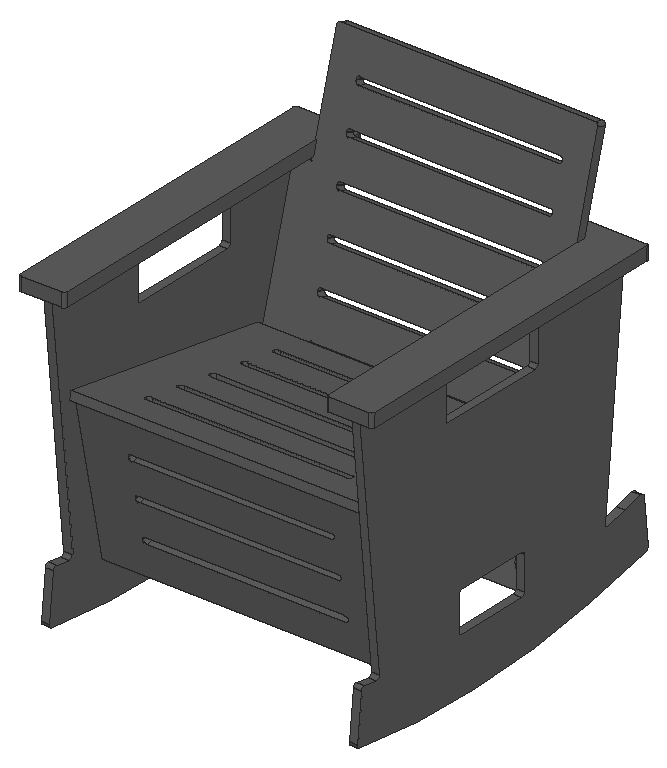
Revit family "Lollygagger Go Club Rocker", category Furniture, Revit 2016 (continued)
Automatic sketch dimensions
  plane 12 to Extrusion 2 sketch curve = 0' - 0.79524"
  level to Extrusion 2 sketch curve = 0' - 0.15476"
  Extrusion 2 sketch curve to plane 12 = 0' - 2.99409"
  plane 1 "Center Front/Back" to Extrusion 2 sketch curve = 0' - 4.37245"
  Extrusion 2 sketch curve to Extrusion 2 sketch curve = 0' - 0 1/4"  (x4)
  Extrusion 2 sketch curve to plane 8 = 0' - 0.23845"
  plane 1 "Center Front/Back" to Extrusion 2 sketch curve = 0' - 3.10134"
  plane 8 to Extrusion 2 sketch curve = 0' - 0.01155"
  level to Extrusion 2 sketch curve = 0' - 0.00395"
  plane 1 "Center Front/Back" to Extrusion 2 sketch curve = 0' - 1.59178"
  Extrusion 2 sketch curve to plane 1 "Center Front/Back" = 0' - 2.85134"
  Extrusion 2 sketch curve to Extrusion 2 sketch curve = 0' - 0"
  level to Extrusion 2 sketch curve = 0' - 0.3065"
  Extrusion 2 sketch curve to plane 1 "Center Front/Back" = 0' - 4.00288"
  Extrusion 2 sketch curve to plane 1 "Center Front/Back" = 0' - 4.12245"
  Extrusion 2 sketch curve to plane 11 = 0' - 0.78441"
  plane 11 to Extrusion 2 sketch curve = 0' - 0.60503"
  Extrusion 2 sketch curve to Extrusion 2 sketch curve = 0' - 0.05739"
  Extrusion 2 sketch curve to plane 6 = 0' - 0.60108"
  Extrusion 2 sketch curve to plane 6 = 0' - 0.45022"
  plane 6 to Extrusion 2 sketch curve = 0' - 0.94656"
  Extrusion 2 sketch curve to Extrusion 2 sketch curve = 0' - 0.06346"
  plane 6 to Extrusion 2 sketch curve = 0' - 1.38064"
  level to Extrusion 2 sketch curve = 0' - 0.74704"
  Extrusion 2 sketch curve to Extrusion 2 sketch curve = 0' - 0.24851"
  level to Extrusion 2 sketch curve = 0' - 1.03594"
  level to Extrusion 2 sketch curve = 0' - 2.43943"
  Extrusion 2 sketch curve to Extrusion 2 sketch curve = 0' - 0.02613"  (x3)
  Extrusion 2 sketch curve to Extrusion 2 sketch curve = 0' - 2.80302"
  Extrusion 2 sketch curve to plane 8 = 0' - 2.77203"
  Extrusion 2 sketch curve to Extrusion 2 sketch curve = 0' - 0.16514"
  Extrusion 2 sketch curve to Extrusion 2 sketch curve = 0' - 0.24757"
  Extrusion 2 sketch curve to plane 8 = 0' - 1.80081"
  Extrusion 2 sketch curve to Extrusion 2 sketch curve = 0' - 0.24332"
  Extrusion 2 sketch curve to plane 8 = 0' - 1.40902"
  Extrusion 2 sketch curve to plane 8 = 0' - 1.28429"
  Extrusion 2 sketch curve to plane 5 = 0' - 4"
  Extrusion 2 sketch curve to Extrusion 2 sketch curve = 0' - 0.05398"
  Extrusion 2 sketch curve to Extrusion 2 sketch curve = 0' - 0.00005"
  Extrusion 2 sketch curve to Extrusion 2 sketch curve = 0' - 0.00023"
  Masking region 3 sketch curve to plane 5 = 0' - 0"  (x2)
  plane 7 to Masking region 3 sketch curve = 0' - 0.4025"
  Masking region 3 sketch curve to Masking region 3 sketch curve = 0' - 0.22134"
  Masking region 3 sketch curve to Masking region 3 sketch curve = 0' - 0.24863"  (x6)
  plane 7 to Masking region 3 sketch curve = 0' - 0.76852"
  Masking region 3 sketch curve to Masking region 3 sketch curve = 0' - 0.03479"  (x2)
  level to Masking region 3 sketch curve = 0' - 0.15476"
  Masking region 3 sketch curve to plane 12 = 0' - 2.99409"
  plane 1 "Center Front/Back" to Masking region 3 sketch curve = 0' - 4.37245"
  Masking region 3 sketch curve to Masking region 3 sketch curve = 0' - 0 1/4"  (x3)
  plane 1 "Center Front/Back" to Masking region 3 sketch curve = 0' - 3.10134"
  Masking region 3 sketch curve to plane 8 = 0' - 0.23845"
  level to Masking region 3 sketch curve = 0' - 0.00395"
  plane 1 "Center Front/Back" to Masking region 3 sketch curve = 0' - 1.59178"
  level to Masking region 3 sketch curve = 0' - 0.3065"
  Masking region 3 sketch curve to plane 1 "Center Front/Back" = 0' - 4.00288"
  Masking region 3 sketch curve to plane 1 "Center Front/Back" = 0' - 4.12245"
  Masking region 3 sketch curve to plane 11 = 0' - 0.78441"
  Masking region 3 sketch curve to Masking region 3 sketch curve = 0' - 0.05739"
  Masking region 3 sketch curve to plane 6 = 0' - 0.45022"
  Masking region 3 sketch curve to plane 6 = 0' - 0.35834"
  plane 6 to Masking region 3 sketch curve = 0' - 0.94656"
  Masking region 3 sketch curve to Masking region 3 sketch curve = 0' - 0.06346"
  plane 6 to Masking region 3 sketch curve = 0' - 1.38064"
  level to Masking region 3 sketch curve = 0' - 0.74704"
  Masking region 3 sketch curve to Masking region 3 sketch curve = 0' - 0.24851"
  level to Masking region 3 sketch curve = 0' - 1.03594"
  level to Masking region 3 sketch curve = 0' - 2.43943"
  Masking region 3 sketch curve to Masking region 3 sketch curve = 0' - 0.02613"  (x3)
  Masking region 3 sketch curve to Masking region 3 sketch curve = 0' - 0.08243"
  Masking region 3 sketch curve to plane 8 = 0' - 1.40902"
  Masking region 3 sketch curve to plane 8 = 0' - 1.28429"
  Masking region 3 sketch curve to plane 5 = 0' - 4"
  Masking region 3 sketch curve to Masking region 3 sketch curve = 0' - 0.05398"
  Masking region 3 sketch curve to Masking region 3 sketch curve = 0' - 0.00005"
  Masking region 3 sketch curve to Masking region 3 sketch curve = 0' - 0.00023"
  Masking region 4 sketch curve to plane 9 = 0' - 0"
  Masking region 4 sketch curve to plane 6 = 0' - 0"
  Masking region 4 sketch curve to plane 17 = 0' - 0"
  plane 9 to Masking region 4 sketch curve = 0' - 0.2492"
  plane 9 to Masking region 4 sketch curve = 0' - 0 1/4"
  Masking region 4 sketch curve to Masking region 4 sketch curve = 0' - 0 1/4"  (x2)
  Masking region 4 sketch curve to plane 6 = 0' - 0.2492"
  plane 18 to Masking region 4 sketch curve = 0' - 0 1/4"
  Masking region 4 sketch curve to plane 10 = 0' - 0 1/4"  (x2)
  plane 9 to Extrusion 3 sketch curve = 0' - 0 3/8"
  plane 15 to Extrusion 3 sketch curve = 0' - 0.56039"
  plane 15 to Extrusion 3 sketch curve = 0' - 0.19696"
  plane 15 to Extrusion 3 sketch curve = 0' - 0.18471"
  Extrusion 3 sketch curve to plane 16 = 0' - 0.19086"
  Extrusion 3 sketch curve to plane 16 = 0' - 0.19239"
  Extrusion 3 sketch curve to plane 16 = 0' - 0.56039"
  Extrusion 3 sketch curve to plane 17 = 0' - 0 3/8"
  Extrusion 3 sketch curve to plane 12 = 0' - 0.23033"
  Extrusion 3 sketch curve to Extrusion 3 sketch curve = 0' - 0.50665"
  Extrusion 3 sketch curve to Extrusion 3 sketch curve = 0' - 0.49897"
  Extrusion 3 sketch curve to Extrusion 3 sketch curve = 0' - 0.5016"
  Masking region 5 sketch curve to plane 5 = 0' - 0"  (x2)
  plane 9 to Masking region 5 sketch curve = 0' - 0 3/8"
  plane 17 to Masking region 5 sketch curve = 0' - 0.12385"
  Masking region 5 sketch curve to plane 10 = 0' - 0 3/8"
  Masking region 5 sketch curve to plane 5 = 0' - 0 1/4"
  Masking region 5 sketch curve to Masking region 5 sketch curve = 0' - 0 1/4"  (x2)
  Extrusion 4 sketch curve to plane 10 = 0' - 0"
  Extrusion 4 sketch curve to plane 7 = 0' - 0"
  Extrusion 4 sketch curve to plane 6 = 0' - 0"
  Extrusion 4 sketch curve to plane 18 = 0' - 0"
  Extrusion 4 sketch curve to plane 7 = 0' - 0.24727"
  Extrusion 4 sketch curve to Extrusion 4 sketch curve = 0' - 0.2492"
  Extrusion 4 sketch curve to plane 18 = 0' - 0.24727"
  plane 18 to Extrusion 4 sketch curve = 0' - 0 1/4"
  Extrusion 4 sketch curve to Extrusion 4 sketch curve = 0' - 1"
  plane 6 to Extrusion 4 sketch curve = 0' - 0.2492"
  Extrusion 4 sketch curve to Extrusion 4 sketch curve = 0' - 0.0008"
  Extrusion 4 sketch curve to plane 11 = 0' - 1.02843"
  plane 9 to Extrusion 5 sketch curve = 0' - 0 3/8"
  plane 15 to Extrusion 5 sketch curve = 0' - 0.56039"
  plane 15 to Extrusion 5 sketch curve = 0' - 0.19696"
  plane 15 to Extrusion 5 sketch curve = 0' - 0.18471"
  Extrusion 5 sketch curve to plane 16 = 0' - 0.19086"
  Extrusion 5 sketch curve to plane 16 = 0' - 0.19239"
  Extrusion 5 sketch curve to plane 16 = 0' - 0.56039"
  Extrusion 5 sketch curve to plane 17 = 0' - 0 3/8"
  Extrusion 5 sketch curve to plane 11 = 0' - 3.85509"
  Extrusion 5 sketch curve to Extrusion 5 sketch curve = 0' - 0.50665"
  Extrusion 5 sketch curve to Extrusion 5 sketch curve = 0' - 0.49897"
  Extrusion 5 sketch curve to Extrusion 5 sketch curve = 0' - 0.5016"
  plane 18 to Extrusion 6 sketch curve = 0' - 0 3/8"
  Extrusion 6 sketch curve to plane 14 = 0' - 0.56039"
  Extrusion 6 sketch curve to plane 14 = 0' - 0.19239"
  Extrusion 6 sketch curve to plane 14 = 0' - 0.19086"
  plane 13 to Extrusion 6 sketch curve = 0' - 0.18471"
  plane 13 to Extrusion 6 sketch curve = 0' - 0.19696"
  plane 13 to Extrusion 6 sketch curve = 0' - 0.56039"
  Extrusion 6 sketch curve to plane 10 = 0' - 0 3/8"
  Extrusion 6 sketch curve to plane 12 = 0' - 0.23033"
  Extrusion 6 sketch curve to Extrusion 6 sketch curve = 0' - 0.50665"
  Extrusion 6 sketch curve to Extrusion 6 sketch curve = 0' - 0.49897"
  Extrusion 6 sketch curve to Extrusion 6 sketch curve = 0' - 0.5016"
  plane 18 to Extrusion 7 sketch curve = 0' - 0 3/8"
  Extrusion 7 sketch curve to plane 14 = 0' - 0.56039"
  Extrusion 7 sketch curve to plane 14 = 0' - 0.19239"
  Extrusion 7 sketch curve to plane 14 = 0' - 0.19086"
  plane 13 to Extrusion 7 sketch curve = 0' - 0.18471"
  plane 13 to Extrusion 7 sketch curve = 0' - 0.19696"
  plane 13 to Extrusion 7 sketch curve = 0' - 0.56039"
  Extrusion 7 sketch curve to plane 10 = 0' - 0 3/8"
  Extrusion 7 sketch curve to plane 11 = 0' - 3.85509"
  Extrusion 7 sketch curve to Extrusion 7 sketch curve = 0' - 0.50665"
  Extrusion 7 sketch curve to Extrusion 7 sketch curve = 0' - 0.49897"
  Extrusion 7 sketch curve to Extrusion 7 sketch curve = 0' - 0.5016"
  plane 17 to Masking region 6 sketch curve = 0' - 0 1/4"
  plane 17 to Masking region 6 sketch curve = 0' - 2 5/16"  (x4)
  Masking region 6 sketch curve to Masking region 6 sketch curve = 0' - 0"  (x8)
  Masking region 6 sketch curve to plane 8 = 0' - 1.02525"
  plane 17 to Masking region 6 sketch curve = 0' - 2.31539"
  Masking region 6 sketch curve to Masking region 6 sketch curve = 0' - 0.0122"
  plane 4 to Masking region 6 sketch curve = 0' - 1.1714"
  Masking region 6 sketch curve to plane 5 = 0' - 1.35452"
  Masking region 6 sketch curve to plane 18 = 0' - 2.34049"  (x4)
  Masking region 6 sketch curve to plane 5 = 0' - 0.98608"
  Masking region 6 sketch curve to plane 18 = 0' - 2.34354"
  Masking region 6 sketch curve to Masking region 6 sketch curve = 0' - 0.06938"  (x4)
  Masking region 6 sketch curve to Masking region 6 sketch curve = 0' - 0.05603"
  Masking region 6 sketch curve to plane 18 = 0' - 0 1/4"
  Masking region 6 sketch curve to Masking region 6 sketch curve = 0' - 0.21934"
  level to Masking region 6 sketch curve = 0' - 3.06727"
  Masking region 6 sketch curve to Masking region 6 sketch curve = 0' - 3.15748"
  Masking region 6 sketch curve to Masking region 6 sketch curve = 0' - 0.36844"  (x3)
  Masking region 6 sketch curve to plane 5 = 0' - 0 1/4"  (x2)
  Masking region 6 sketch curve to Masking region 6 sketch curve = 0' - 2.78904"
  Masking region 6 sketch curve to Masking region 6 sketch curve = 0' - 2.53904"
  Masking region 6 sketch curve to Masking region 6 sketch curve = 0' - 0.20505"
  Masking region 6 sketch curve to Masking region 6 sketch curve = 0' - 0.24309"  (x4)
  Masking region 6 sketch curve to Masking region 6 sketch curve = 0' - 0 1/4"  (x4)
  Masking region 6 sketch curve to Masking region 6 sketch curve = 0' - 0.22002"
  Masking region 6 sketch curve to Masking region 6 sketch curve = 0' - 0.01272"
  Masking region 6 sketch curve to Masking region 6 sketch curve = 0' - 0.20304"  (x4)
  Masking region 6 sketch curve to Masking region 6 sketch curve = 0' - 0.16553"
  Masking region 6 sketch curve to Masking region 6 sketch curve = 0' - 0.00558"  (x8)
  Masking region 6 sketch curve to Masking region 6 sketch curve = 0' - 0.01096"
  Masking region 6 sketch curve to Masking region 6 sketch curve = 0' - 0.05089"
  Masking region 6 sketch curve to Masking region 6 sketch curve = 0' - 0.02296"
  Masking region 6 sketch curve to Masking region 6 sketch curve = 0' - 0.05917"
  Masking region 6 sketch curve to Masking region 6 sketch curve = 0' - 0.10121"  (x4)
  Masking region 6 sketch curve to Masking region 6 sketch curve = 0' - 0.12812"  (x4)
  plane 17 to Masking region 7 sketch curve = 0' - 0.05267"
  Masking region 7 sketch curve to Masking region 7 sketch curve = 0' - 0.09258"
  Masking region 7 sketch curve to plane 6 = 0' - 0.01504"  (x2)
  plane 17 to Masking region 7 sketch curve = 0' - 0.1561"
  Masking region 7 sketch curve to plane 18 = 0' - 0.1561"
  Masking region 7 sketch curve to plane 18 = 0' - 0.1393"
  Masking region 7 sketch curve to plane 18 = 0' - 0.05267"
  plane 12 to Masking region 7 sketch curve = 0' - 0.82117"
  plane 6 to Masking region 7 sketch curve = 0' - 0.15754"  (x2)
  Masking region 7 sketch curve to Masking region 7 sketch curve = 0' - 0.02209"
  Masking region 7 sketch curve to Masking region 7 sketch curve = 0' - 0.08459"
  plane 17 to Masking region 7 sketch curve = 0' - 0.03172"
  Masking region 8 sketch curve to Masking region 8 sketch curve = 0' - 1.62925"  (x2)
  Extrusion 8 sketch curve to plane 16 = 0' - 0"
  Extrusion 8 sketch curve to plane 14 = 0' - 0"
  plane 17 to Extrusion 8 sketch curve = 0' - 2 1/16"  (x5)
  Extrusion 8 sketch curve to Extrusion 8 sketch curve = 0' - 0 1/4"  (x10)
  Extrusion 8 sketch curve to Extrusion 8 sketch curve = 0' - 0"  (x10)
  Extrusion 8 sketch curve to plane 18 = 0' - 2 5/16"  (x5)
  Extrusion 8 sketch curve to Extrusion 8 sketch curve = 0' - 2.48958"  (x5)
  Extrusion 8 sketch curve to Extrusion 8 sketch curve = 0' - 0 1/16"  (x5)
  Extrusion 8 sketch curve to Extrusion 8 sketch curve = 0' - 2.73958"
  Extrusion 9 sketch curve to plane 16 = 0' - 0"
  Extrusion 9 sketch curve to plane 14 = 0' - 0"
  plane 22 to Extrusion 9 sketch curve = 0' - 0"
  Extrusion 9 sketch curve to plane 22 = 0' - 3 9/16"
  Extrusion 10 sketch curve to plane 22 = 0' - 0"
  Extrusion 10 sketch curve to plane 1 "Center Front/Back" = 0' - 1.38689"
  Extrusion 10 sketch curve to plane 22 = 0' - 0.69178"
  Extrusion 10 sketch curve to Extrusion 10 sketch curve = 0' - 0.00376"
  Extrusion 10 sketch curve to Extrusion 10 sketch curve = 0' - 0.87548"
  Extrusion 10 sketch curve to plane 22 = 0' - 1 9/16"
  Extrusion 10 sketch curve to Extrusion 10 sketch curve = 0' - 0.00476"
  Extrusion 10 sketch curve to Extrusion 10 sketch curve = 0' - 0.62772"
  Extrusion 10 sketch curve to plane 22 = 0' - 0.93194"
  Extrusion 10 sketch curve to Extrusion 10 sketch curve = 0' - 3.99994"
  Extrusion 10 sketch curve to Extrusion 10 sketch curve = 0' - 0.6185"
  Extrusion 10 sketch curve to plane 22 = 0' - 1.53398"
  Extrusion 10 sketch curve to Extrusion 10 sketch curve = 0' - 0.62328"
  Extrusion 10 sketch curve to Extrusion 10 sketch curve = 0' - 0.8747"
  Extrusion 10 sketch curve to plane 22 = 0' - 0.65097"
  Extrusion 10 sketch curve to Extrusion 10 sketch curve = 0' - 0.00354"
  Extrusion 10 sketch curve to Extrusion 10 sketch curve = 0' - 0.26667"
  Extrusion 11 sketch curve to plane 22 = 0' - 0"
  Extrusion 11 sketch curve to plane 1 "Center Front/Back" = 0' - 1.38689"
  Extrusion 11 sketch curve to plane 22 = 0' - 0.69178"
  Extrusion 11 sketch curve to Extrusion 11 sketch curve = 0' - 0.00376"
  Extrusion 11 sketch curve to Extrusion 11 sketch curve = 0' - 0.87548"
  Extrusion 11 sketch curve to plane 22 = 0' - 1 9/16"
  Extrusion 11 sketch curve to Extrusion 11 sketch curve = 0' - 0.00476"
  Extrusion 11 sketch curve to Extrusion 11 sketch curve = 0' - 0.62772"
  Extrusion 11 sketch curve to plane 22 = 0' - 0.93194"
  Extrusion 11 sketch curve to Extrusion 11 sketch curve = 0' - 3.99994"
  Extrusion 11 sketch curve to Extrusion 11 sketch curve = 0' - 0.6185"
  Extrusion 11 sketch curve to plane 22 = 0' - 1.53398"
  Extrusion 11 sketch curve to Extrusion 11 sketch curve = 0' - 0.62328"
  Extrusion 11 sketch curve to Extrusion 11 sketch curve = 0' - 0.8747"
  Extrusion 11 sketch curve to plane 22 = 0' - 0.65097"
  Extrusion 11 sketch curve to Extrusion 11 sketch curve = 0' - 0.00354"
  Extrusion 11 sketch curve to Extrusion 11 sketch curve = 0' - 0.26667"
  Extrusion 12 sketch curve to plane 16 = 0' - 0"
  Extrusion 12 sketch curve to plane 14 = 0' - 0"
  plane 17 to Extrusion 12 sketch curve = 0' - 2.39948"  (x2)
  Extrusion 12 sketch curve to Extrusion 12 sketch curve = 0' - 2.58412"
  Extrusion 12 sketch curve to Extrusion 12 sketch curve = 0' - 0 1/4"  (x2)
  Extrusion 12 sketch curve to Extrusion 12 sketch curve = 0' - 0.27448"  (x2)
  Extrusion 12 sketch curve to Extrusion 12 sketch curve = 0' - 0.03725"  (x2)
  Extrusion 12 sketch curve to Extrusion 12 sketch curve = 0' - 0.03802"  (x2)
  Extrusion 12 sketch curve to Extrusion 12 sketch curve = 0' - 0.27525"  (x2)
  Extrusion 12 sketch curve to Extrusion 12 sketch curve = 0' - 2 37/64"  (x2)
  Extrusion 12 sketch curve to Extrusion 12 sketch curve = 0' - 0.21336"
  Extrusion 12 sketch curve to Extrusion 12 sketch curve = 0' - 0.27878"
  Extrusion 12 sketch curve to Extrusion 12 sketch curve = 0' - 0.08112"
  Extrusion 12 sketch curve to Extrusion 12 sketch curve = 0' - 0.03372"
  Extrusion 12 sketch curve to Extrusion 12 sketch curve = 0' - 0.26802"
  Extrusion 12 sketch curve to Extrusion 12 sketch curve = 0' - 2 53/64"
  Extrusion 12 sketch curve to plane 18 = 0' - 2"  (x3)
  plane 17 to Extrusion 12 sketch curve = 0' - 2.39302"
  Extrusion 13 sketch curve to plane 18 = 0' - 0"
  Extrusion 13 sketch curve to plane 17 = 0' - 0"
  Extrusion 13 sketch curve to plane 14 = 0' - 0"
  Extrusion 13 sketch curve to plane 16 = 0' - 0"
  Extrusion 13 sketch curve to plane 18 = 0' - 0 1/4"
  Extrusion 13 sketch curve to Extrusion 13 sketch curve = 0' - 0 1/4"  (x14)
  Extrusion 13 sketch curve to Extrusion 13 sketch curve = 0' - 2.47222"
  Extrusion 13 sketch curve to Extrusion 13 sketch curve = 0' - 0.27799"  (x7)
  Extrusion 13 sketch curve to Extrusion 13 sketch curve = 0' - 0 1/16"  (x8)
  Extrusion 13 sketch curve to Extrusion 13 sketch curve = 0' - 0.07589"  (x7)
  Extrusion 13 sketch curve to Extrusion 13 sketch curve = 0' - 2.72222"  (x4)
  Extrusion 13 sketch curve to Extrusion 13 sketch curve = 0' - 0.20862"  (x3)
  Extrusion 13 sketch curve to Extrusion 13 sketch curve = 0' - 2.34917"
  Extrusion 13 sketch curve to Extrusion 13 sketch curve = 0' - 2.14055"
  Extrusion 13 sketch curve to Extrusion 13 sketch curve = 0' - 0.58167"
  Extrusion 13 sketch curve to Extrusion 13 sketch curve = 0' - 2.78472"
  Extrusion 13 sketch curve to Extrusion 13 sketch curve = 0' - 2.65972"
  Extrusion 13 sketch curve to Extrusion 13 sketch curve = 0' - 0.27964"
  Extrusion 13 sketch curve to Extrusion 13 sketch curve = 0' - 0.03286"
  Extrusion 13 sketch curve to Extrusion 13 sketch curve = 0' - 2.97222"
  plane 17 to Extrusion 13 sketch curve = 0' - 2 1/16"  (x8)
  Extrusion 13 sketch curve to plane 18 = 0' - 2.34214"
  Extrusion 13 sketch curve to plane 18 = 0' - 2.34049"  (x7)
  Extrusion 14 sketch curve to plane 19 = 0' - 0"
  Extrusion 14 sketch curve to plane 22 = 0' - 0.8936"
  plane 19 to Extrusion 14 sketch curve = 0' - 0.70054"
  Extrusion 14 sketch curve to Extrusion 14 sketch curve = 0' - 0.00381"
  Extrusion 14 sketch curve to Extrusion 14 sketch curve = 0' - 0.87548"
  plane 19 to Extrusion 14 sketch curve = 0' - 1.57126"
  Extrusion 14 sketch curve to Extrusion 14 sketch curve = 0' - 0.00476"
  Extrusion 14 sketch curve to Extrusion 14 sketch curve = 0' - 0.6215"
  plane 19 to Extrusion 14 sketch curve = 0' - 0.94133"
  Extrusion 14 sketch curve to Extrusion 14 sketch curve = 0' - 4.00402"
  Extrusion 14 sketch curve to Extrusion 14 sketch curve = 0' - 0.62064"
  plane 19 to Extrusion 14 sketch curve = 0' - 1.54274"
  Extrusion 14 sketch curve to Extrusion 14 sketch curve = 0' - 0.62542"
  Extrusion 14 sketch curve to Extrusion 14 sketch curve = 0' - 0.87465"
  plane 19 to Extrusion 14 sketch curve = 0' - 0.65973"
  Extrusion 14 sketch curve to Extrusion 14 sketch curve = 0' - 0.00359"
  Extrusion 14 sketch curve to Extrusion 14 sketch curve = 0' - 0.2442"
  Extrusion 15 sketch curve to plane 19 = 0' - 0"
  Extrusion 15 sketch curve to plane 22 = 0' - 0.8936"
  plane 19 to Extrusion 15 sketch curve = 0' - 0.70593"
  Extrusion 15 sketch curve to Extrusion 15 sketch curve = 0' - 0.00384"
  Extrusion 15 sketch curve to Extrusion 15 sketch curve = 0' - 0.87548"
  plane 19 to Extrusion 15 sketch curve = 0' - 1.57665"
  Extrusion 15 sketch curve to Extrusion 15 sketch curve = 0' - 0.00476"
  Extrusion 15 sketch curve to Extrusion 15 sketch curve = 0' - 0.62216"
  plane 19 to Extrusion 15 sketch curve = 0' - 0.93878"
  Extrusion 15 sketch curve to Extrusion 15 sketch curve = 0' - 4.00157"
  Extrusion 15 sketch curve to Extrusion 15 sketch curve = 0' - 0.62243"
  plane 19 to Extrusion 15 sketch curve = 0' - 1.54813"
  Extrusion 15 sketch curve to Extrusion 15 sketch curve = 0' - 0.62721"
  Extrusion 15 sketch curve to Extrusion 15 sketch curve = 0' - 0.87462"
  plane 19 to Extrusion 15 sketch curve = 0' - 0.66513"
  Extrusion 15 sketch curve to Extrusion 15 sketch curve = 0' - 0.00362"
  Extrusion 15 sketch curve to Extrusion 15 sketch curve = 0' - 0.23951"
  Extrusion 16 sketch curve to plane 12 = 0' - 0.85685"
  Extrusion 16 sketch curve to plane 22 = 0' - 2.28334"
  Extrusion 16 sketch curve to Extrusion 16 sketch curve = 0' - 0.00382"
  Extrusion 16 sketch curve to Extrusion 16 sketch curve = 0' - 0.87548"
  Extrusion 16 sketch curve to Extrusion 16 sketch curve = 0' - 0.00476"
  Extrusion 16 sketch curve to Extrusion 16 sketch curve = 0' - 0.62762"
  Extrusion 16 sketch curve to Extrusion 16 sketch curve = 0' - 3.99994"
  Extrusion 16 sketch curve to Extrusion 16 sketch curve = 0' - 0.6186"
  Extrusion 16 sketch curve to Extrusion 16 sketch curve = 0' - 0.00477"  (x2)
  Extrusion 16 sketch curve to Extrusion 16 sketch curve = 0' - 0.87463"
  Extrusion 16 sketch curve to Extrusion 16 sketch curve = 0' - 0.0036"
  Extrusion 16 sketch curve to Extrusion 16 sketch curve = 0' - 0.66269"
  Extrusion 16 sketch curve to Extrusion 16 sketch curve = 0' - 0.69873"
  Extrusion 16 sketch curve to Extrusion 16 sketch curve = 0' - 0.70349"
  Extrusion 16 sketch curve to Extrusion 16 sketch curve = 0' - 0.25829"
  Extrusion 16 sketch curve to Extrusion 16 sketch curve = 0' - 0.24877"
  Extrusion 17 sketch curve to plane 12 = 0' - 0.85685"
  Extrusion 17 sketch curve to plane 22 = 0' - 2.28334"
  Extrusion 17 sketch curve to Extrusion 17 sketch curve = 0' - 0.00382"
  Extrusion 17 sketch curve to Extrusion 17 sketch curve = 0' - 0.87548"
  Extrusion 17 sketch curve to Extrusion 17 sketch curve = 0' - 0.00476"
  Extrusion 17 sketch curve to Extrusion 17 sketch curve = 0' - 0.62762"
  Extrusion 17 sketch curve to Extrusion 17 sketch curve = 0' - 3.99994"
  Extrusion 17 sketch curve to Extrusion 17 sketch curve = 0' - 0.6186"
  Extrusion 17 sketch curve to Extrusion 17 sketch curve = 0' - 0.00477"  (x2)
  Extrusion 17 sketch curve to Extrusion 17 sketch curve = 0' - 0.87463"
  Extrusion 17 sketch curve to Extrusion 17 sketch curve = 0' - 0.0036"
  Extrusion 17 sketch curve to Extrusion 17 sketch curve = 0' - 0.66269"
  Extrusion 17 sketch curve to Extrusion 17 sketch curve = 0' - 0.69873"
  Extrusion 17 sketch curve to Extrusion 17 sketch curve = 0' - 0.70349"
  Extrusion 17 sketch curve to Extrusion 17 sketch curve = 0' - 0.25829"
  Extrusion 17 sketch curve to Extrusion 17 sketch curve = 0' - 0.24877"
  Extrusion 18 sketch curve to plane 5 = 0' - 0"  (x2)
  plane 7 to Extrusion 18 sketch curve = 0' - 0.4025"
  plane 7 to Extrusion 18 sketch curve = 0' - 0.60108"
  Extrusion 18 sketch curve to Extrusion 18 sketch curve = 0' - 0.22134"
  Extrusion 18 sketch curve to Extrusion 18 sketch curve = 0' - 0.02729"
  plane 7 to Extrusion 18 sketch curve = 0' - 0.76852"
  Extrusion 18 sketch curve to Extrusion 18 sketch curve = 0' - 0.24863"  (x5)
  Extrusion 18 sketch curve to Extrusion 18 sketch curve = 0' - 0.03479"  (x2)
  plane 12 to Extrusion 18 sketch curve = 0' - 0.79524"
  level to Extrusion 18 sketch curve = 0' - 0.15476"
  Extrusion 18 sketch curve to plane 12 = 0' - 2.99409"
  plane 1 "Center Front/Back" to Extrusion 18 sketch curve = 0' - 4.37245"
  Extrusion 18 sketch curve to Extrusion 18 sketch curve = 0' - 0 1/4"  (x4)
  Extrusion 18 sketch curve to plane 8 = 0' - 0.23845"
  plane 1 "Center Front/Back" to Extrusion 18 sketch curve = 0' - 3.10134"
  plane 8 to Extrusion 18 sketch curve = 0' - 0.01155"
  level to Extrusion 18 sketch curve = 0' - 0.00395"
  plane 1 "Center Front/Back" to Extrusion 18 sketch curve = 0' - 1.59178"
  Extrusion 18 sketch curve to plane 1 "Center Front/Back" = 0' - 2.85134"
  Extrusion 18 sketch curve to Extrusion 18 sketch curve = 0' - 0"
  level to Extrusion 18 sketch curve = 0' - 0.3065"
  Extrusion 18 sketch curve to plane 1 "Center Front/Back" = 0' - 4.00288"
  Extrusion 18 sketch curve to plane 1 "Center Front/Back" = 0' - 4.12245"
  Extrusion 18 sketch curve to plane 11 = 0' - 0.78441"
  plane 11 to Extrusion 18 sketch curve = 0' - 0.60503"
  Extrusion 18 sketch curve to Extrusion 18 sketch curve = 0' - 0.05739"
  Extrusion 18 sketch curve to plane 6 = 0' - 0.60108"
  Extrusion 18 sketch curve to plane 6 = 0' - 0.45022"
  plane 6 to Extrusion 18 sketch curve = 0' - 0.94656"
  Extrusion 18 sketch curve to Extrusion 18 sketch curve = 0' - 0.06346"
  plane 6 to Extrusion 18 sketch curve = 0' - 1.38064"
  level to Extrusion 18 sketch curve = 0' - 0.74704"
  Extrusion 18 sketch curve to Extrusion 18 sketch curve = 0' - 0.24851"
  level to Extrusion 18 sketch curve = 0' - 1.03594"
  level to Extrusion 18 sketch curve = 0' - 2.43943"
  Extrusion 18 sketch curve to Extrusion 18 sketch curve = 0' - 0.02613"  (x3)
  Extrusion 18 sketch curve to Extrusion 18 sketch curve = 0' - 2.80302"
  Extrusion 18 sketch curve to plane 8 = 0' - 2.77203"
  Extrusion 18 sketch curve to Extrusion 18 sketch curve = 0' - 0.16514"
  Extrusion 18 sketch curve to Extrusion 18 sketch curve = 0' - 0.24757"
  Extrusion 18 sketch curve to plane 8 = 0' - 1.80081"
  Extrusion 18 sketch curve to Extrusion 18 sketch curve = 0' - 0.24332"
  Extrusion 18 sketch curve to plane 8 = 0' - 1.40902"
  Extrusion 18 sketch curve to plane 8 = 0' - 1.28429"
  Extrusion 18 sketch curve to plane 5 = 0' - 4"
  Extrusion 18 sketch curve to Extrusion 18 sketch curve = 0' - 0.05398"
  Extrusion 18 sketch curve to Extrusion 18 sketch curve = 0' - 0.00005"
  Extrusion 18 sketch curve to Extrusion 18 sketch curve = 0' - 0.00023"
  radius of Extrusion 3 sketch curve = 0' - 0.15388"  (x2)
  radius of Extrusion 5 sketch curve = 0' - 0.15388"  (x2)
  radius of Extrusion 6 sketch curve = 0' - 0.15388"  (x2)
  radius of Extrusion 7 sketch curve = 0' - 0.15388"  (x2)
  radius of Extrusion 10 sketch curve = 0' - 0.15567"  (x2)
  radius of Extrusion 11 sketch curve = 0' - 0.15567"  (x2)
  radius of Extrusion 14 sketch curve = 0' - 0.15567"  (x2)
  radius of Extrusion 15 sketch curve = 0' - 0.15567"  (x2)
  radius of Extrusion 16 sketch curve = 0' - 0.15567"  (x2)
  radius of Extrusion 17 sketch curve = 0' - 0.15567"  (x2)
Types (11): name | Finish Material
  Loll-Black | Loll-Black
  Loll-Sunset | Loll-Sunset
  Loll-Chocolate | Loll-Chocolate
  Loll-Sky | Loll-Sky
  Loll-Apple | Loll-Apple
  Loll-Leaf | Loll-Leaf
  Loll-Evergreen | Loll-Evergreen
  Loll-Charcoal | Loll-Charcoal
  Loll-Sand | Loll-Sand
  Loll-Navy Blue | Loll-Navy Blue
  Loll-White | Loll-White
